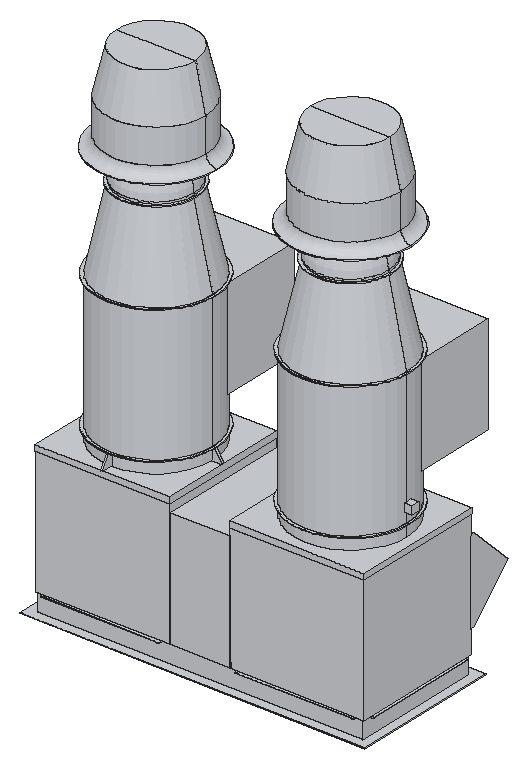
Revit family "QMXVP_with_1X2_Mixing_Box_Sides", category Mechanical Equipment, Revit 2019 (continued)
Types (225): name | UNIT_RADIUS+4" | UNIT_RADIUS*.6 | UNIT_RADIUS | UNIT_RAD+((A/2)+.25")+4" | UNIT_RAD+((A/2)+.25") | UNIT_OD | UNIT_HEIGHT*.75 | UNIT_HEIGHT | TYPE | TRANSITION_TOP | RO2/2 | RO/2 | RO | NOZZLE_WB_RAD-2" | NOZZLE_WB_RAD | NOZZLE_WB/4 | NOZZLE_TOP_RAD | NOZZLE_TOP_OD | NOZZLE_SIZE | NOZZLE_HEIGHT/7*2 | NOZZLE_HEIGHT | NOZZLE_BOTTOM_RAD | NOZZLE_WB_OD | NOZZLE_BOTTOM_ID | MB_HT/2 | MB_HT-2.75" | MB_HT+.25" | MB_HT | MB_A | LONG_RO | GA | E | DUAL_G | DUAL_F+1" | DUAL_F | C/2 | C | B/2 | B | A/2 | A+.5 | A | Type Comments | Model | -A | (NOZZLE_WB_OD-NOZZLE_TOP_OD)/2 | (NOZZLE_HEIGHT-(NOZZLE_HEIGHT/8*2))/2 | (A/2)+.25"
  225_QMXVP-15H-1X2_Mixing_Box_Sides | 19 31/32" | 14.37188" | 15 31/32" | 41 7/32" | 37 7/32" | 31 15/16" | 30 3/4" | 41" | 0" | 69 1/8" | 17 3/8" | 17 3/8" | 34 3/4" | 16" | 18" | 7.2" | 11 1/2" | 23" | 180" | 10 3/4" | 43" | 10 11/16" | 36" | 21 3/8" | 21 19/32" | 40 7/16" | 43 7/16" | 43 3/16" | 54" | 85 7/8" | 27/256" | 40 15/16" | 92 1/8" | 94" | 93" | 28" | 56" | 56 1/2" | 113" | 21" | 42 1/2" | 42" | "Vari-Plume Laboratory Exhaust Mixed-Flow Inline Belt Drive With 1X2 Mixing Box With Weather Hoods On Sides\r\n" | "QMXVP-1X2_Mixing Box_Sides" | -42" | 3 1/4" | 16 1/8" | 21 1/4"
  225_QMXVP-18L-1X2_Mixing_Box_Sides | 19 31/32" | 14.37188" | 15 31/32" | 41 7/32" | 37 7/32" | 31 15/16" | 30 3/4" | 41" | 0" | 61 1/8" | 17 3/8" | 17 3/8" | 34 3/4" | 19 1/2" | 21 1/2" | 8.6" | 13 3/4" | 27 1/2" | 216" | 12" | 48" | 12 13/16" | 43" | 25 5/8" | 21 19/32" | 40 7/16" | 43 7/16" | 43 3/16" | 54" | 85 7/8" | 27/256" | 40 15/16" | 92 1/8" | 94" | 93" | 28" | 56" | 56 1/2" | 113" | 21" | 42 1/2" | 42" | "Vari-Plume Laboratory Exhaust Mixed-Flow Inline Belt Drive With 1X2 Mixing Box With Weather Hoods On Sides\r\n" | "QMXVP-1X2_Mixing Box_Sides" | -42" | 3 7/8" | 18" | 21 1/4"
  245_QMXVP-15L-1X2_Mixing_Box_Sides | 21 3/8" | 15.6375" | 17 3/8" | 43 5/8" | 39 5/8" | 34 3/4" | 33 3/8" | 44 1/2" | 0" | 77 11/16" | 18 3/8" | 18 3/8" | 36 3/4" | 16" | 18" | 7.2" | 11 1/2" | 23" | 180" | 10 3/4" | 43" | 10 11/16" | 36" | 21 3/8" | 22 23/32" | 42 11/16" | 45 11/16" | 45 7/16" | 57" | 100 7/8" | 27/256" | 42 15/16" | 107 1/8" | 109" | 108" | 29 1/2" | 59" | 60 1/2" | 121" | 22" | 44 1/2" | 44" | "Vari-Plume Laboratory Exhaust Mixed-Flow Inline Belt Drive With 1X2 Mixing Box With Weather Hoods On Sides\r\n" | "QMXVP-1X2_Mixing Box_Sides" | -44" | 3 1/4" | 16 1/8" | 22 1/4"
  245_QMXVP-15H-1X2_Mixing_Box_Sides | 21 3/8" | 15.6375" | 17 3/8" | 43 5/8" | 39 5/8" | 34 3/4" | 33 3/8" | 44 1/2" | 0" | 77 11/16" | 18 3/8" | 18 3/8" | 36 3/4" | 16" | 18" | 7.2" | 11 1/2" | 23" | 180" | 10 3/4" | 43" | 10 11/16" | 36" | 21 3/8" | 22 23/32" | 42 11/16" | 45 11/16" | 45 7/16" | 57" | 100 7/8" | 27/256" | 42 15/16" | 107 1/8" | 109" | 108" | 29 1/2" | 59" | 60 1/2" | 121" | 22" | 44 1/2" | 44" | "Vari-Plume Laboratory Exhaust Mixed-Flow Inline Belt Drive With 1X2 Mixing Box With Weather Hoods On Sides\r\n" | "QMXVP-1X2_Mixing Box_Sides" | -44" | 3 1/4" | 16 1/8" | 22 1/4"
  245_QMXVP-18L-1X2_Mixing_Box_Sides | 21 3/8" | 15.6375" | 17 3/8" | 43 5/8" | 39 5/8" | 34 3/4" | 33 3/8" | 44 1/2" | 0" | 69 11/16" | 18 3/8" | 18 3/8" | 36 3/4" | 19 1/2" | 21 1/2" | 8.6" | 13 3/4" | 27 1/2" | 216" | 12" | 48" | 12 13/16" | 43" | 25 5/8" | 22 23/32" | 42 11/16" | 45 11/16" | 45 7/16" | 57" | 100 7/8" | 27/256" | 42 15/16" | 107 1/8" | 109" | 108" | 29 1/2" | 59" | 60 1/2" | 121" | 22" | 44 1/2" | 44" | "Vari-Plume Laboratory Exhaust Mixed-Flow Inline Belt Drive With 1X2 Mixing Box With Weather Hoods On Sides\r\n" | "QMXVP-1X2_Mixing Box_Sides" | -44" | 3 7/8" | 18" | 22 1/4"
  245_QMXVP-18H-1X2_Mixing_Box_Sides | 21 3/8" | 15.6375" | 17 3/8" | 43 5/8" | 39 5/8" | 34 3/4" | 33 3/8" | 44 1/2" | 0" | 69 11/16" | 18 3/8" | 18 3/8" | 36 3/4" | 19 1/2" | 21 1/2" | 8.6" | 13 3/4" | 27 1/2" | 216" | 12" | 48" | 12 13/16" | 43" | 25 5/8" | 22 23/32" | 42 11/16" | 45 11/16" | 45 7/16" | 57" | 100 7/8" | 27/256" | 42 15/16" | 107 1/8" | 109" | 108" | 29 1/2" | 59" | 60 1/2" | 121" | 22" | 44 1/2" | 44" | "Vari-Plume Laboratory Exhaust Mixed-Flow Inline Belt Drive With 1X2 Mixing Box With Weather Hoods On Sides\r\n" | "QMXVP-1X2_Mixing Box_Sides" | -44" | 3 7/8" | 18" | 22 1/4"
  245_QMXVP-24L-1X2_Mixing_Box_Sides | 21 3/8" | 15.6375" | 17 3/8" | 43 5/8" | 39 5/8" | 34 3/4" | 33 3/8" | 44 1/2" | 0" | 57 3/4" | 18 3/8" | 18 3/8" | 36 3/4" | 28 1/2" | 30 1/2" | 12.2" | 18 1/4" | 36 1/2" | 288" | 15 1/2" | 62" | 17 3/8" | 61" | 34 3/4" | 22 23/32" | 42 11/16" | 45 11/16" | 45 7/16" | 57" | 100 7/8" | 27/256" | 42 15/16" | 107 1/8" | 109" | 108" | 29 1/2" | 59" | 60 1/2" | 121" | 22" | 44 1/2" | 44" | "Vari-Plume Laboratory Exhaust Mixed-Flow Inline Belt Drive With 1X2 Mixing Box With Weather Hoods On Sides\r\n" | "QMXVP-1X2_Mixing Box_Sides" | -44" | 6 1/8" | 23 1/4" | 22 1/4"
  245_QMXVP-24H-1X2_Mixing_Box_Sides | 21 3/8" | 15.6375" | 17 3/8" | 43 5/8" | 39 5/8" | 34 3/4" | 33 3/8" | 44 1/2" | 0" | 57 3/4" | 18 3/8" | 18 3/8" | 36 3/4" | 28 1/2" | 30 1/2" | 12.2" | 18 1/4" | 36 1/2" | 288" | 15 1/2" | 62" | 17 3/8" | 61" | 34 3/4" | 22 23/32" | 42 11/16" | 45 11/16" | 45 7/16" | 57" | 100 7/8" | 27/256" | 42 15/16" | 107 1/8" | 109" | 108" | 29 1/2" | 59" | 60 1/2" | 121" | 22" | 44 1/2" | 44" | "Vari-Plume Laboratory Exhaust Mixed-Flow Inline Belt Drive With 1X2 Mixing Box With Weather Hoods On Sides\r\n" | "QMXVP-1X2_Mixing Box_Sides" | -44" | 6 1/8" | 23 1/4" | 22 1/4"
  270_QMXVP-15L-1X2_Mixing_Box_Sides | 23 5/32" | 17.24063" | 19 5/32" | 47 13/32" | 43 13/32" | 38 5/16" | 35 1/4" | 47" | 0" | 86 3/16" | 20 3/8" | 20 3/8" | 40 3/4" | 16" | 18" | 7.2" | 11 1/2" | 23" | 180" | 10 3/4" | 43" | 10 11/16" | 36" | 21 3/8" | 23 19/32" | 44 7/16" | 47 7/16" | 47 3/16" | 62" | 104 7/8" | 27/256" | 46 15/16" | 111 1/8" | 113" | 112" | 31 1/2" | 63" | 64" | 128" | 24" | 48 1/2" | 48" | "Vari-Plume Laboratory Exhaust Mixed-Flow Inline Belt Drive With 1X2 Mixing Box With Weather Hoods On Sides\r\n" | "QMXVP-1X2_Mixing Box_Sides" | -48" | 3 1/4" | 16 1/8" | 24 1/4"
  270_QMXVP-15H-1X2_Mixing_Box_Sides | 23 5/32" | 17.24063" | 19 5/32" | 47 13/32" | 43 13/32" | 38 5/16" | 35 1/4" | 47" | 0" | 86 3/16" | 20 3/8" | 20 3/8" | 40 3/4" | 16" | 18" | 7.2" | 11 1/2" | 23" | 180" | 10 3/4" | 43" | 10 11/16" | 36" | 21 3/8" | 23 19/32" | 44 7/16" | 47 7/16" | 47 3/16" | 62" | 104 7/8" | 27/256" | 46 15/16" | 111 1/8" | 113" | 112" | 31 1/2" | 63" | 64" | 128" | 24" | 48 1/2" | 48" | "Vari-Plume Laboratory Exhaust Mixed-Flow Inline Belt Drive With 1X2 Mixing Box With Weather Hoods On Sides\r\n" | "QMXVP-1X2_Mixing Box_Sides" | -48" | 3 1/4" | 16 1/8" | 24 1/4"
  270_QMXVP-18L-1X2_Mixing_Box_Sides | 23 5/32" | 17.24063" | 19 5/32" | 47 13/32" | 43 13/32" | 38 5/16" | 35 1/4" | 47" | 0" | 79 3/16" | 20 3/8" | 20 3/8" | 40 3/4" | 19 1/2" | 21 1/2" | 8.6" | 13 3/4" | 27 1/2" | 216" | 12" | 48" | 12 13/16" | 43" | 25 5/8" | 23 19/32" | 44 7/16" | 47 7/16" | 47 3/16" | 62" | 104 7/8" | 27/256" | 46 15/16" | 111 1/8" | 113" | 112" | 31 1/2" | 63" | 64" | 128" | 24" | 48 1/2" | 48" | "Vari-Plume Laboratory Exhaust Mixed-Flow Inline Belt Drive With 1X2 Mixing Box With Weather Hoods On Sides\r\n" | "QMXVP-1X2_Mixing Box_Sides" | -48" | 3 7/8" | 18" | 24 1/4"
  270_QMXVP-18H-1X2_Mixing_Box_Sides | 23 5/32" | 17.24063" | 19 5/32" | 47 13/32" | 43 13/32" | 38 5/16" | 35 1/4" | 47" | 0" | 79 3/16" | 20 3/8" | 20 3/8" | 40 3/4" | 19 1/2" | 21 1/2" | 8.6" | 13 3/4" | 27 1/2" | 216" | 12" | 48" | 12 13/16" | 43" | 25 5/8" | 23 19/32" | 44 7/16" | 47 7/16" | 47 3/16" | 62" | 104 7/8" | 27/256" | 46 15/16" | 111 1/8" | 113" | 112" | 31 1/2" | 63" | 64" | 128" | 24" | 48 1/2" | 48" | "Vari-Plume Laboratory Exhaust Mixed-Flow Inline Belt Drive With 1X2 Mixing Box With Weather Hoods On Sides\r\n" | "QMXVP-1X2_Mixing Box_Sides" | -48" | 3 7/8" | 18" | 24 1/4"
  270_QMXVP-24L-1X2_Mixing_Box_Sides | 23 5/32" | 17.24063" | 19 5/32" | 47 13/32" | 43 13/32" | 38 5/16" | 35 1/4" | 47" | 0" | 62 1/4" | 20 3/8" | 20 3/8" | 40 3/4" | 28 1/2" | 30 1/2" | 12.2" | 18 1/4" | 36 1/2" | 288" | 15 1/2" | 62" | 17 3/8" | 61" | 34 3/4" | 23 19/32" | 44 7/16" | 47 7/16" | 47 3/16" | 62" | 104 7/8" | 27/256" | 46 15/16" | 111 1/8" | 113" | 112" | 31 1/2" | 63" | 64" | 128" | 24" | 48 1/2" | 48" | "Vari-Plume Laboratory Exhaust Mixed-Flow Inline Belt Drive With 1X2 Mixing Box With Weather Hoods On Sides\r\n" | "QMXVP-1X2_Mixing Box_Sides" | -48" | 6 1/8" | 23 1/4" | 24 1/4"
  270_QMXVP-24H-1X2_Mixing_Box_Sides | 23 5/32" | 17.24063" | 19 5/32" | 47 13/32" | 43 13/32" | 38 5/16" | 35 1/4" | 47" | 0" | 62 1/4" | 20 3/8" | 20 3/8" | 40 3/4" | 28 1/2" | 30 1/2" | 12.2" | 18 1/4" | 36 1/2" | 288" | 15 1/2" | 62" | 17 3/8" | 61" | 34 3/4" | 23 19/32" | 44 7/16" | 47 7/16" | 47 3/16" | 62" | 104 7/8" | 27/256" | 46 15/16" | 111 1/8" | 113" | 112" | 31 1/2" | 63" | 64" | 128" | 24" | 48 1/2" | 48" | "Vari-Plume Laboratory Exhaust Mixed-Flow Inline Belt Drive With 1X2 Mixing Box With Weather Hoods On Sides\r\n" | "QMXVP-1X2_Mixing Box_Sides" | -48" | 6 1/8" | 23 1/4" | 24 1/4"
  300_QMXVP-18L-1X2_Mixing_Box_Sides | 25 1/4" | 19 1/8" | 21 1/4" | 51 1/2" | 47 1/2" | 42 1/2" | 40 1/2" | 54" | 0" | 94 3/16" | 22 3/8" | 22 3/8" | 44 3/4" | 19 1/2" | 21 1/2" | 8.6" | 13 3/4" | 27 1/2" | 216" | 12" | 48" | 12 13/16" | 43" | 25 5/8" | 25 7/32" | 47 11/16" | 50 11/16" | 50 7/16" | 68" | 124 7/8" | 27/256" | 50 15/16" | 131 1/8" | 133" | 132" | 33 1/2" | 67" | 74" | 148" | 26" | 52 1/2" | 52" | "Vari-Plume Laboratory Exhaust Mixed-Flow Inline Belt Drive With 1X2 Mixing Box With Weather Hoods On Sides\r\n" | "QMXVP-1X2_Mixing Box_Sides" | -52" | 3 7/8" | 18" | 26 1/4"
  300_QMXVP-18H-1X2_Mixing_Box_Sides | 25 1/4" | 19 1/8" | 21 1/4" | 51 1/2" | 47 1/2" | 42 1/2" | 40 1/2" | 54" | 0" | 94 3/16" | 22 3/8" | 22 3/8" | 44 3/4" | 19 1/2" | 21 1/2" | 8.6" | 13 3/4" | 27 1/2" | 216" | 12" | 48" | 12 13/16" | 43" | 25 5/8" | 25 7/32" | 47 11/16" | 50 11/16" | 50 7/16" | 68" | 124 7/8" | 27/256" | 50 15/16" | 131 1/8" | 133" | 132" | 33 1/2" | 67" | 74" | 148" | 26" | 52 1/2" | 52" | "Vari-Plume Laboratory Exhaust Mixed-Flow Inline Belt Drive With 1X2 Mixing Box With Weather Hoods On Sides\r\n" | "QMXVP-1X2_Mixing Box_Sides" | -52" | 3 7/8" | 18" | 26 1/4"
  300_QMXVP-24L-1X2_Mixing_Box_Sides | 25 1/4" | 19 1/8" | 21 1/4" | 51 1/2" | 47 1/2" | 42 1/2" | 40 1/2" | 54" | 0" | 77 1/4" | 22 3/8" | 22 3/8" | 44 3/4" | 28 1/2" | 30 1/2" | 12.2" | 18 1/4" | 36 1/2" | 288" | 15 1/2" | 62" | 17 3/8" | 61" | 34 3/4" | 25 7/32" | 47 11/16" | 50 11/16" | 50 7/16" | 68" | 124 7/8" | 27/256" | 50 15/16" | 131 1/8" | 133" | 132" | 33 1/2" | 67" | 74" | 148" | 26" | 52 1/2" | 52" | "Vari-Plume Laboratory Exhaust Mixed-Flow Inline Belt Drive With 1X2 Mixing Box With Weather Hoods On Sides\r\n" | "QMXVP-1X2_Mixing Box_Sides" | -52" | 6 1/8" | 23 1/4" | 26 1/4"
  300_QMXVP-24H-1X2_Mixing_Box_Sides | 25 1/4" | 19 1/8" | 21 1/4" | 51 1/2" | 47 1/2" | 42 1/2" | 40 1/2" | 54" | 0" | 77 1/4" | 22 3/8" | 22 3/8" | 44 3/4" | 28 1/2" | 30 1/2" | 12.2" | 18 1/4" | 36 1/2" | 288" | 15 1/2" | 62" | 17 3/8" | 61" | 34 3/4" | 25 7/32" | 47 11/16" | 50 11/16" | 50 7/16" | 68" | 124 7/8" | 27/256" | 50 15/16" | 131 1/8" | 133" | 132" | 33 1/2" | 67" | 74" | 148" | 26" | 52 1/2" | 52" | "Vari-Plume Laboratory Exhaust Mixed-Flow Inline Belt Drive With 1X2 Mixing Box With Weather Hoods On Sides\r\n" | "QMXVP-1X2_Mixing Box_Sides" | -52" | 6 1/8" | 23 1/4" | 26 1/4"
  300_QMXVP-30L-1X2_Mixing_Box_Sides | 25 1/4" | 19 1/8" | 21 1/4" | 51 1/2" | 47 1/2" | 42 1/2" | 40 1/2" | 54" | 0" | 68 1/4" | 22 3/8" | 22 3/8" | 44 3/4" | 35" | 37" | 14.8" | 22 3/4" | 45 1/2" | 360" | 19 1/2" | 78" | 21 1/4" | 74" | 42 1/2" | 25 7/32" | 47 11/16" | 50 11/16" | 50 7/16" | 68" | 124 7/8" | 27/256" | 50 15/16" | 131 1/8" | 133" | 132" | 33 1/2" | 67" | 74" | 148" | 26" | 52 1/2" | 52" | "Vari-Plume Laboratory Exhaust Mixed-Flow Inline Belt Drive With 1X2 Mixing Box With Weather Hoods On Sides\r\n" | "QMXVP-1X2_Mixing Box_Sides" | -52" | 7 1/8" | 29 1/4" | 26 1/4"
  300_QMXVP-30H-1X2_Mixing_Box_Sides | 25 1/4" | 19 1/8" | 21 1/4" | 51 1/2" | 47 1/2" | 42 1/2" | 40 1/2" | 54" | 0" | 68 1/4" | 22 3/8" | 22 3/8" | 44 3/4" | 35" | 37" | 14.8" | 22 3/4" | 45 1/2" | 360" | 19 1/2" | 78" | 21 1/4" | 74" | 42 1/2" | 25 7/32" | 47 11/16" | 50 11/16" | 50 7/16" | 68" | 124 7/8" | 27/256" | 50 15/16" | 131 1/8" | 133" | 132" | 33 1/2" | 67" | 74" | 148" | 26" | 52 1/2" | 52" | "Vari-Plume Laboratory Exhaust Mixed-Flow Inline Belt Drive With 1X2 Mixing Box With Weather Hoods On Sides\r\n" | "QMXVP-1X2_Mixing Box_Sides" | -52" | 7 1/8" | 29 1/4" | 26 1/4"
  330_QMXVP-24L-1X2_Mixing_Box_Sides | 27 3/8" | 21.0375" | 23 3/8" | 55 5/8" | 51 5/8" | 46 3/4" | 43 7/8" | 58 1/2" | 0" | 89 3/4" | 24 5/16" | 24 5/16" | 48 5/8" | 28 1/2" | 30 1/2" | 12.2" | 18 1/4" | 36 1/2" | 288" | 15 1/2" | 62" | 17 3/8" | 61" | 34 3/4" | 26 27/32" | 50 15/16" | 53 15/16" | 53 11/16" | 73" | 128 7/8" | 27/256" | 54 13/16" | 135 1/8" | 137" | 136" | 36 1/2" | 73" | 77" | 154" | 28" | 56 1/2" | 56" | "Vari-Plume Laboratory Exhaust Mixed-Flow Inline Belt Drive With 1X2 Mixing Box With Weather Hoods On Sides\r\n" | "QMXVP-1X2_Mixing Box_Sides" | -56" | 6 1/8" | 23 1/4" | 28 1/4"
  330_QMXVP-24H-1X2_Mixing_Box_Sides | 27 3/8" | 21.0375" | 23 3/8" | 55 5/8" | 51 5/8" | 46 3/4" | 43 7/8" | 58 1/2" | 0" | 89 3/4" | 24 5/16" | 24 5/16" | 48 5/8" | 28 1/2" | 30 1/2" | 12.2" | 18 1/4" | 36 1/2" | 288" | 15 1/2" | 62" | 17 3/8" | 61" | 34 3/4" | 26 27/32" | 50 15/16" | 53 15/16" | 53 11/16" | 73" | 128 7/8" | 27/256" | 54 13/16" | 135 1/8" | 137" | 136" | 36 1/2" | 73" | 77" | 154" | 28" | 56 1/2" | 56" | "Vari-Plume Laboratory Exhaust Mixed-Flow Inline Belt Drive With 1X2 Mixing Box With Weather Hoods On Sides\r\n" | "QMXVP-1X2_Mixing Box_Sides" | -56" | 6 1/8" | 23 1/4" | 28 1/4"
  330_QMXVP-30L-1X2_Mixing_Box_Sides | 27 3/8" | 21.0375" | 23 3/8" | 55 5/8" | 51 5/8" | 46 3/4" | 43 7/8" | 58 1/2" | 0" | 74 3/4" | 24 5/16" | 24 5/16" | 48 5/8" | 35" | 37" | 14.8" | 22 3/4" | 45 1/2" | 360" | 19 1/2" | 78" | 21 1/4" | 74" | 42 1/2" | 26 27/32" | 50 15/16" | 53 15/16" | 53 11/16" | 73" | 128 7/8" | 27/256" | 54 13/16" | 135 1/8" | 137" | 136" | 36 1/2" | 73" | 77" | 154" | 28" | 56 1/2" | 56" | "Vari-Plume Laboratory Exhaust Mixed-Flow Inline Belt Drive With 1X2 Mixing Box With Weather Hoods On Sides\r\n" | "QMXVP-1X2_Mixing Box_Sides" | -56" | 7 1/8" | 29 1/4" | 28 1/4"
  330_QMXVP-30H-1X2_Mixing_Box_Sides | 27 3/8" | 21.0375" | 23 3/8" | 55 5/8" | 51 5/8" | 46 3/4" | 43 7/8" | 58 1/2" | 0" | 74 3/4" | 24 5/16" | 24 5/16" | 48 5/8" | 35" | 37" | 14.8" | 22 3/4" | 45 1/2" | 360" | 19 1/2" | 78" | 21 1/4" | 74" | 42 1/2" | 26 27/32" | 50 15/16" | 53 15/16" | 53 11/16" | 73" | 128 7/8" | 27/256" | 54 13/16" | 135 1/8" | 137" | 136" | 36 1/2" | 73" | 77" | 154" | 28" | 56 1/2" | 56" | "Vari-Plume Laboratory Exhaust Mixed-Flow Inline Belt Drive With 1X2 Mixing Box With Weather Hoods On Sides\r\n" | "QMXVP-1X2_Mixing Box_Sides" | -56" | 7 1/8" | 29 1/4" | 28 1/4"
  365_QMXVP-24L-1X2_Mixing_Box_Sides | 29 7/8" | 23.2875" | 25 7/8" | 61 1/8" | 57 1/8" | 51 3/4" | 48" | 64" | 0" | 104 1/4" | 27 1/4" | 27 1/4" | 54 1/2" | 28 1/2" | 30 1/2" | 12.2" | 18 1/4" | 36 1/2" | 288" | 15 1/2" | 62" | 17 3/8" | 61" | 34 3/4" | 29 27/32" | 56 15/16" | 59 15/16" | 59 11/16" | 82" | 151 3/4" | 27/256" | 60 3/4" | 158" | 160" | 159" | 39 1/2" | 79" | 87 1/2" | 175" | 31" | 62 1/2" | 62" | "Vari-Plume Laboratory Exhaust Mixed-Flow Inline Belt Drive With 1X2 Mixing Box With Weather Hoods On Sides\r\n" | "QMXVP-1X2_Mixing Box_Sides" | -62" | 6 1/8" | 23 1/4" | 31 1/4"
  365_QMXVP-24H-1X2_Mixing_Box_Sides | 29 7/8" | 23.2875" | 25 7/8" | 61 1/8" | 57 1/8" | 51 3/4" | 48" | 64" | 0" | 104 1/4" | 27 1/4" | 27 1/4" | 54 1/2" | 28 1/2" | 30 1/2" | 12.2" | 18 1/4" | 36 1/2" | 288" | 15 1/2" | 62" | 17 3/8" | 61" | 34 3/4" | 29 27/32" | 56 15/16" | 59 15/16" | 59 11/16" | 82" | 151 3/4" | 27/256" | 60 3/4" | 158" | 160" | 159" | 39 1/2" | 79" | 87 1/2" | 175" | 31" | 62 1/2" | 62" | "Vari-Plume Laboratory Exhaust Mixed-Flow Inline Belt Drive With 1X2 Mixing Box With Weather Hoods On Sides\r\n" | "QMXVP-1X2_Mixing Box_Sides" | -62" | 6 1/8" | 23 1/4" | 31 1/4"
  365_QMXVP-30L-1X2_Mixing_Box_Sides | 29 7/8" | 23.2875" | 25 7/8" | 61 1/8" | 57 1/8" | 51 3/4" | 48" | 64" | 0" | 89 1/2" | 27 1/4" | 27 1/4" | 54 1/2" | 35" | 37" | 14.8" | 22 3/4" | 45 1/2" | 360" | 19 1/2" | 78" | 21 1/4" | 74" | 42 1/2" | 29 27/32" | 56 15/16" | 59 15/16" | 59 11/16" | 82" | 151 3/4" | 27/256" | 60 3/4" | 158" | 160" | 159" | 39 1/2" | 79" | 87 1/2" | 175" | 31" | 62 1/2" | 62" | "Vari-Plume Laboratory Exhaust Mixed-Flow Inline Belt Drive With 1X2 Mixing Box With Weather Hoods On Sides\r\n" | "QMXVP-1X2_Mixing Box_Sides" | -62" | 7 1/8" | 29 1/4" | 31 1/4"
  365_QMXVP-30H-1X2_Mixing_Box_Sides | 29 7/8" | 23.2875" | 25 7/8" | 61 1/8" | 57 1/8" | 51 3/4" | 48" | 64" | 0" | 89 1/2" | 27 1/4" | 27 1/4" | 54 1/2" | 35" | 37" | 14.8" | 22 3/4" | 45 1/2" | 360" | 19 1/2" | 78" | 21 1/4" | 74" | 42 1/2" | 29 27/32" | 56 15/16" | 59 15/16" | 59 11/16" | 82" | 151 3/4" | 27/256" | 60 3/4" | 158" | 160" | 159" | 39 1/2" | 79" | 87 1/2" | 175" | 31" | 62 1/2" | 62" | "Vari-Plume Laboratory Exhaust Mixed-Flow Inline Belt Drive With 1X2 Mixing Box With Weather Hoods On Sides\r\n" | "QMXVP-1X2_Mixing Box_Sides" | -62" | 7 1/8" | 29 1/4" | 31 1/4"
  365_QMXVP-36L-1X2_Mixing_Box_Sides | 29 7/8" | 23.2875" | 25 7/8" | 61 1/8" | 57 1/8" | 51 3/4" | 48" | 64" | 0" | 78 1/4" | 27 1/4" | 27 1/4" | 54 1/2" | 43" | 45" | 18" | 29" | 58" | 432" | 23 3/4" | 95" | 25 7/8" | 90" | 51 3/4" | 29 27/32" | 56 15/16" | 59 15/16" | 59 11/16" | 82" | 151 3/4" | 27/256" | 60 3/4" | 158" | 160" | 159" | 39 1/2" | 79" | 87 1/2" | 175" | 31" | 62 1/2" | 62" | "Vari-Plume Laboratory Exhaust Mixed-Flow Inline Belt Drive With 1X2 Mixing Box With Weather Hoods On Sides\r\n" | "QMXVP-1X2_Mixing Box_Sides" | -62" | 8" | 35 5/8" | 31 1/4"
  402_QMXVP-24L-1X2_Mixing_Box_Sides | 32 15/32" | 25.62188" | 28 15/32" | 66 7/32" | 62 7/32" | 56 15/16" | 51 3/8" | 68 1/2" | 0" | 118 3/4" | 29 23/32" | 29 23/32" | 59 7/16" | 28 1/2" | 30 1/2" | 12.2" | 18 1/4" | 36 1/2" | 288" | 15 1/2" | 62" | 17 3/8" | 61" | 34 3/4" | 32 31/32" | 63 3/16" | 66 3/16" | 65 15/16" | 90" | 156 3/4" | 27/256" | 65 3/4" | 163" | 165" | 164" | 44" | 88" | 91 1/2" | 183" | 33 1/2" | 67 1/2" | 67" | "Vari-Plume Laboratory Exhaust Mixed-Flow Inline Belt Drive With 1X2 Mixing Box With Weather Hoods On Sides\r\n" | "QMXVP-1X2_Mixing Box_Sides" | -67" | 6 1/8" | 23 1/4" | 33 3/4"
  402_QMXVP-24H-1X2_Mixing_Box_Sides | 32 15/32" | 25.62188" | 28 15/32" | 66 7/32" | 62 7/32" | 56 15/16" | 51 3/8" | 68 1/2" | 0" | 118 3/4" | 29 23/32" | 29 23/32" | 59 7/16" | 28 1/2" | 30 1/2" | 12.2" | 18 1/4" | 36 1/2" | 288" | 15 1/2" | 62" | 17 3/8" | 61" | 34 3/4" | 32 31/32" | 63 3/16" | 66 3/16" | 65 15/16" | 90" | 156 3/4" | 27/256" | 65 3/4" | 163" | 165" | 164" | 44" | 88" | 91 1/2" | 183" | 33 1/2" | 67 1/2" | 67" | "Vari-Plume Laboratory Exhaust Mixed-Flow Inline Belt Drive With 1X2 Mixing Box With Weather Hoods On Sides\r\n" | "QMXVP-1X2_Mixing Box_Sides" | -67" | 6 1/8" | 23 1/4" | 33 3/4"
  402_QMXVP-30L-1X2_Mixing_Box_Sides | 32 15/32" | 25.62188" | 28 15/32" | 66 7/32" | 62 7/32" | 56 15/16" | 51 3/8" | 68 1/2" | 0" | 103 3/4" | 29 23/32" | 29 23/32" | 59 7/16" | 35" | 37" | 14.8" | 22 3/4" | 45 1/2" | 360" | 19 1/2" | 78" | 21 1/4" | 74" | 42 1/2" | 32 31/32" | 63 3/16" | 66 3/16" | 65 15/16" | 90" | 156 3/4" | 27/256" | 65 3/4" | 163" | 165" | 164" | 44" | 88" | 91 1/2" | 183" | 33 1/2" | 67 1/2" | 67" | "Vari-Plume Laboratory Exhaust Mixed-Flow Inline Belt Drive With 1X2 Mixing Box With Weather Hoods On Sides\r\n" | "QMXVP-1X2_Mixing Box_Sides" | -67" | 7 1/8" | 29 1/4" | 33 3/4"
  402_QMXVP-30H-1X2_Mixing_Box_Sides | 32 15/32" | 25.62188" | 28 15/32" | 66 7/32" | 62 7/32" | 56 15/16" | 51 3/8" | 68 1/2" | 0" | 103 3/4" | 29 23/32" | 29 23/32" | 59 7/16" | 35" | 37" | 14.8" | 22 3/4" | 45 1/2" | 360" | 19 1/2" | 78" | 21 1/4" | 74" | 42 1/2" | 32 31/32" | 63 3/16" | 66 3/16" | 65 15/16" | 90" | 156 3/4" | 27/256" | 65 3/4" | 163" | 165" | 164" | 44" | 88" | 91 1/2" | 183" | 33 1/2" | 67 1/2" | 67" | "Vari-Plume Laboratory Exhaust Mixed-Flow Inline Belt Drive With 1X2 Mixing Box With Weather Hoods On Sides\r\n" | "QMXVP-1X2_Mixing Box_Sides" | -67" | 7 1/8" | 29 1/4" | 33 3/4"
  402_QMXVP-36L-1X2_Mixing_Box_Sides | 32 15/32" | 25.62188" | 28 15/32" | 66 7/32" | 62 7/32" | 56 15/16" | 51 3/8" | 68 1/2" | 0" | 86 3/4" | 29 23/32" | 29 23/32" | 59 7/16" | 43" | 45" | 18" | 29" | 58" | 432" | 23 3/4" | 95" | 25 7/8" | 90" | 51 3/4" | 32 31/32" | 63 3/16" | 66 3/16" | 65 15/16" | 90" | 156 3/4" | 27/256" | 65 3/4" | 163" | 165" | 164" | 44" | 88" | 91 1/2" | 183" | 33 1/2" | 67 1/2" | 67" | "Vari-Plume Laboratory Exhaust Mixed-Flow Inline Belt Drive With 1X2 Mixing Box With Weather Hoods On Sides\r\n" | "QMXVP-1X2_Mixing Box_Sides" | -67" | 8" | 35 5/8" | 33 3/4"
  402_QMXVP-36H-1X2_Mixing_Box_Sides | 32 15/32" | 25.62188" | 28 15/32" | 66 7/32" | 62 7/32" | 56 15/16" | 51 3/8" | 68 1/2" | 0" | 86 3/4" | 29 23/32" | 29 23/32" | 59 7/16" | 43" | 45" | 18" | 29" | 58" | 432" | 23 3/4" | 95" | 25 7/8" | 90" | 51 3/4" | 32 31/32" | 63 3/16" | 66 3/16" | 65 15/16" | 90" | 156 3/4" | 27/256" | 65 3/4" | 163" | 165" | 164" | 44" | 88" | 91 1/2" | 183" | 33 1/2" | 67 1/2" | 67" | "Vari-Plume Laboratory Exhaust Mixed-Flow Inline Belt Drive With 1X2 Mixing Box With Weather Hoods On Sides\r\n" | "QMXVP-1X2_Mixing Box_Sides" | -67" | 8" | 35 5/8" | 33 3/4"
  445_QMXVP-30L-1X2_Mixing_Box_Sides | 35 17/32" | 28.37813" | 31 17/32" | 72 25/32" | 68 25/32" | 63 1/16" | 55 1/2" | 74" | 0" | 121 1/4" | 33 7/32" | 33 7/32" | 66 7/16" | 35" | 37" | 14.8" | 22 3/4" | 45 1/2" | 360" | 19 1/2" | 78" | 21 1/4" | 74" | 42 1/2" | 37 27/32" | 72 15/16" | 75 15/16" | 75 11/16" | 102" | 163 3/4" | 27/256" | 72 5/8" | 170" | 172" | 171" | 47 1/2" | 95" | 100 1/2" | 201" | 37" | 74 1/2" | 74" | "Vari-Plume Laboratory Exhaust Mixed-Flow Inline Belt Drive With 1X2 Mixing Box With Weather Hoods On Sides\r\n" | "QMXVP-1X2_Mixing Box_Sides" | -74" | 7 1/8" | 29 1/4" | 37 1/4"
  445_QMXVP-30H-1X2_Mixing_Box_Sides | 35 17/32" | 28.37813" | 31 17/32" | 72 25/32" | 68 25/32" | 63 1/16" | 55 1/2" | 74" | 0" | 121 1/4" | 33 7/32" | 33 7/32" | 66 7/16" | 35" | 37" | 14.8" | 22 3/4" | 45 1/2" | 360" | 19 1/2" | 78" | 21 1/4" | 74" | 42 1/2" | 37 27/32" | 72 15/16" | 75 15/16" | 75 11/16" | 102" | 163 3/4" | 27/256" | 72 5/8" | 170" | 172" | 171" | 47 1/2" | 95" | 100 1/2" | 201" | 37" | 74 1/2" | 74" | "Vari-Plume Laboratory Exhaust Mixed-Flow Inline Belt Drive With 1X2 Mixing Box With Weather Hoods On Sides\r\n" | "QMXVP-1X2_Mixing Box_Sides" | -74" | 7 1/8" | 29 1/4" | 37 1/4"
  445_QMXVP-36L-1X2_Mixing_Box_Sides | 35 17/32" | 28.37813" | 31 17/32" | 72 25/32" | 68 25/32" | 63 1/16" | 55 1/2" | 74" | 0" | 103 1/4" | 33 7/32" | 33 7/32" | 66 7/16" | 43" | 45" | 18" | 29" | 58" | 432" | 23 3/4" | 95" | 25 7/8" | 90" | 51 3/4" | 37 27/32" | 72 15/16" | 75 15/16" | 75 11/16" | 102" | 163 3/4" | 27/256" | 72 5/8" | 170" | 172" | 171" | 47 1/2" | 95" | 100 1/2" | 201" | 37" | 74 1/2" | 74" | "Vari-Plume Laboratory Exhaust Mixed-Flow Inline Belt Drive With 1X2 Mixing Box With Weather Hoods On Sides\r\n" | "QMXVP-1X2_Mixing Box_Sides" | -74" | 8" | 35 5/8" | 37 1/4"
  445_QMXVP-36H-1X2_Mixing_Box_Sides | 35 17/32" | 28.37813" | 31 17/32" | 72 25/32" | 68 25/32" | 63 1/16" | 55 1/2" | 74" | 0" | 103 1/4" | 33 7/32" | 33 7/32" | 66 7/16" | 43" | 45" | 18" | 29" | 58" | 432" | 23 3/4" | 95" | 25 7/8" | 90" | 51 3/4" | 37 27/32" | 72 15/16" | 75 15/16" | 75 11/16" | 102" | 163 3/4" | 27/256" | 72 5/8" | 170" | 172" | 171" | 47 1/2" | 95" | 100 1/2" | 201" | 37" | 74 1/2" | 74" | "Vari-Plume Laboratory Exhaust Mixed-Flow Inline Belt Drive With 1X2 Mixing Box With Weather Hoods On Sides\r\n" | "QMXVP-1X2_Mixing Box_Sides" | -74" | 8" | 35 5/8" | 37 1/4"
  490_QMXVP-30L-1X2_Mixing_Box_Sides | 38 11/16" | 31 7/32" | 34 11/16" | 78 15/16" | 74 15/16" | 69 3/8" | 60 3/8" | 80 1/2" | 0" | 139 3/4" | 36 1/8" | 36 1/8" | 72 1/4" | 35" | 37" | 14.8" | 22 3/4" | 45 1/2" | 360" | 19 1/2" | 78" | 21 1/4" | 74" | 42 1/2" | 43 15/32" | 84 3/16" | 87 3/16" | 86 15/16" | 113" | 184 3/4" | 17/128" | 78 1/2" | 191" | 193" | 192" | 51 1/2" | 103" | 109 1/2" | 219" | 40" | 80 1/2" | 80" | "Vari-Plume Laboratory Exhaust Mixed-Flow Inline Belt Drive With 1X2 Mixing Box With Weather Hoods On Sides\r\n" | "QMXVP-1X2_Mixing Box_Sides" | -80" | 7 1/8" | 29 1/4" | 40 1/4"
  490_QMXVP-30H-1X2_Mixing_Box_Sides | 38 11/16" | 31 7/32" | 34 11/16" | 78 15/16" | 74 15/16" | 69 3/8" | 60 3/8" | 80 1/2" | 0" | 139 3/4" | 36 1/8" | 36 1/8" | 72 1/4" | 35" | 37" | 14.8" | 22 3/4" | 45 1/2" | 360" | 19 1/2" | 78" | 21 1/4" | 74" | 42 1/2" | 43 15/32" | 84 3/16" | 87 3/16" | 86 15/16" | 113" | 184 3/4" | 17/128" | 78 1/2" | 191" | 193" | 192" | 51 1/2" | 103" | 109 1/2" | 219" | 40" | 80 1/2" | 80" | "Vari-Plume Laboratory Exhaust Mixed-Flow Inline Belt Drive With 1X2 Mixing Box With Weather Hoods On Sides\r\n" | "QMXVP-1X2_Mixing Box_Sides" | -80" | 7 1/8" | 29 1/4" | 40 1/4"
  490_QMXVP-36L-1X2_Mixing_Box_Sides | 38 11/16" | 31 7/32" | 34 11/16" | 78 15/16" | 74 15/16" | 69 3/8" | 60 3/8" | 80 1/2" | 0" | 122 3/4" | 36 1/8" | 36 1/8" | 72 1/4" | 43" | 45" | 18" | 29" | 58" | 432" | 23 3/4" | 95" | 25 7/8" | 90" | 51 3/4" | 43 15/32" | 84 3/16" | 87 3/16" | 86 15/16" | 113" | 184 3/4" | 17/128" | 78 1/2" | 191" | 193" | 192" | 51 1/2" | 103" | 109 1/2" | 219" | 40" | 80 1/2" | 80" | "Vari-Plume Laboratory Exhaust Mixed-Flow Inline Belt Drive With 1X2 Mixing Box With Weather Hoods On Sides\r\n" | "QMXVP-1X2_Mixing Box_Sides" | -80" | 8" | 35 5/8" | 40 1/4"
  490_QMXVP-36H-1X2_Mixing_Box_Sides | 38 11/16" | 31 7/32" | 34 11/16" | 78 15/16" | 74 15/16" | 69 3/8" | 60 3/8" | 80 1/2" | 0" | 122 3/4" | 36 1/8" | 36 1/8" | 72 1/4" | 43" | 45" | 18" | 29" | 58" | 432" | 23 3/4" | 95" | 25 7/8" | 90" | 51 3/4" | 43 15/32" | 84 3/16" | 87 3/16" | 86 15/16" | 113" | 184 3/4" | 17/128" | 78 1/2" | 191" | 193" | 192" | 51 1/2" | 103" | 109 1/2" | 219" | 40" | 80 1/2" | 80" | "Vari-Plume Laboratory Exhaust Mixed-Flow Inline Belt Drive With 1X2 Mixing Box With Weather Hoods On Sides\r\n" | "QMXVP-1X2_Mixing Box_Sides" | -80" | 8" | 35 5/8" | 40 1/4"
  540_QMXVP-36L-1X2_Mixing_Box_Sides | 42 7/32" | 34.39688" | 38 7/32" | 87 15/32" | 83 15/32" | 76 7/16" | 65 1/4" | 87" | 0" | 142 1/4" | 41" | 39 9/16" | 79 1/8" | 43" | 45" | 18" | 29" | 58" | 432" | 23 3/4" | 95" | 25 7/8" | 90" | 51 3/4" | 49 27/32" | 96 15/16" | 99 15/16" | 99 11/16" | 126" | 194 5/8" | 17/128" | 85 3/8" | 200 7/8" | 203" | 202" | 55 1/2" | 111" | 119 1/2" | 239" | 45" | 90 1/2" | 90" | "Vari-Plume Laboratory Exhaust Mixed-Flow Inline Belt Drive With 1X2 Mixing Box With Weather Hoods On Sides\r\n" | "QMXVP-1X2_Mixing Box_Sides" | -90" | 8" | 35 5/8" | 45 1/4"
  540_QMXVP-36H-1X2_Mixing_Box_Sides | 42 7/32" | 34.39688" | 38 7/32" | 87 15/32" | 83 15/32" | 76 7/16" | 65 1/4" | 87" | 0" | 142 1/4" | 41" | 39 9/16" | 79 1/8" | 43" | 45" | 18" | 29" | 58" | 432" | 23 3/4" | 95" | 25 7/8" | 90" | 51 3/4" | 49 27/32" | 96 15/16" | 99 15/16" | 99 11/16" | 126" | 194 5/8" | 17/128" | 85 3/8" | 200 7/8" | 203" | 202" | 55 1/2" | 111" | 119 1/2" | 239" | 45" | 90 1/2" | 90" | "Vari-Plume Laboratory Exhaust Mixed-Flow Inline Belt Drive With 1X2 Mixing Box With Weather Hoods On Sides\r\n" | "QMXVP-1X2_Mixing Box_Sides" | -90" | 8" | 35 5/8" | 45 1/4"
  540_QMXVP-49L-1X2_Mixing_Box_Sides | 42 7/32" | 34.39688" | 38 7/32" | 87 15/32" | 83 15/32" | 76 7/16" | 65 1/4" | 87" | 0" | 121 1/4" | 41" | 39 9/16" | 79 1/8" | 48 1/2" | 50 1/2" | 20.2" | 38" | 76" | 588" | 27 1/2" | 110" | 34 11/16" | 101" | 69 3/8" | 49 27/32" | 96 15/16" | 99 15/16" | 99 11/16" | 126" | 194 5/8" | 17/128" | 85 3/8" | 200 7/8" | 203" | 202" | 55 1/2" | 111" | 119 1/2" | 239" | 45" | 90 1/2" | 90" | "Vari-Plume Laboratory Exhaust Mixed-Flow Inline Belt Drive With 1X2 Mixing Box With Weather Hoods On Sides\r\n" | "QMXVP-1X2_Mixing Box_Sides" | -90" | 6 1/4" | 41 1/4" | 45 1/4"
  540_QMXVP-49H-1X2_Mixing_Box_Sides | 42 7/32" | 34.39688" | 38 7/32" | 87 15/32" | 83 15/32" | 76 7/16" | 65 1/4" | 87" | 0" | 121 1/4" | 41" | 39 9/16" | 79 1/8" | 48 1/2" | 50 1/2" | 20.2" | 38" | 76" | 588" | 27 1/2" | 110" | 34 11/16" | 101" | 69 3/8" | 49 27/32" | 96 15/16" | 99 15/16" | 99 11/16" | 126" | 194 5/8" | 17/128" | 85 3/8" | 200 7/8" | 203" | 202" | 55 1/2" | 111" | 119 1/2" | 239" | 45" | 90 1/2" | 90" | "Vari-Plume Laboratory Exhaust Mixed-Flow Inline Belt Drive With 1X2 Mixing Box With Weather Hoods On Sides\r\n" | "QMXVP-1X2_Mixing Box_Sides" | -90" | 6 1/4" | 41 1/4" | 45 1/4"
  600_QMXVP-36L-1X2_Mixing_Box_Sides | 46 7/16" | 38.19375" | 42 7/16" | 97 3/16" | 93 3/16" | 84 7/8" | 71 5/8" | 95 1/2" | 0" | 170 3/4" | 47" | 44 1/32" | 88 1/16" | 43" | 45" | 18" | 29" | 58" | 432" | 23 3/4" | 95" | 25 7/8" | 90" | 51 3/4" | 58 19/32" | 114 7/16" | 117 7/16" | 117 3/16" | 144" | 205 5/8" | 23/128" | 94 3/8" | 211 7/8" | 214" | 213" | 61" | 122" | 131 1/2" | 263" | 50 1/2" | 101 1/2" | 101" | "Vari-Plume Laboratory Exhaust Mixed-Flow Inline Belt Drive With 1X2 Mixing Box With Weather Hoods On Sides\r\n" | "QMXVP-1X2_Mixing Box_Sides" | -101" | 8" | 35 5/8" | 50 3/4"
  600_QMXVP-36H-1X2_Mixing_Box_Sides | 46 7/16" | 38.19375" | 42 7/16" | 97 3/16" | 93 3/16" | 84 7/8" | 71 5/8" | 95 1/2" | 0" | 170 3/4" | 47" | 44 1/32" | 88 1/16" | 43" | 45" | 18" | 29" | 58" | 432" | 23 3/4" | 95" | 25 7/8" | 90" | 51 3/4" | 58 19/32" | 114 7/16" | 117 7/16" | 117 3/16" | 144" | 205 5/8" | 23/128" | 94 3/8" | 211 7/8" | 214" | 213" | 61" | 122" | 131 1/2" | 263" | 50 1/2" | 101 1/2" | 101" | "Vari-Plume Laboratory Exhaust Mixed-Flow Inline Belt Drive With 1X2 Mixing Box With Weather Hoods On Sides\r\n" | "QMXVP-1X2_Mixing Box_Sides" | -101" | 8" | 35 5/8" | 50 3/4"
  600_QMXVP-49L-1X2_Mixing_Box_Sides | 46 7/16" | 38.19375" | 42 7/16" | 97 3/16" | 93 3/16" | 84 7/8" | 71 5/8" | 95 1/2" | 0" | 148 3/4" | 47" | 44 1/32" | 88 1/16" | 48 1/2" | 50 1/2" | 20.2" | 38" | 76" | 588" | 27 1/2" | 110" | 34 11/16" | 101" | 69 3/8" | 58 19/32" | 114 7/16" | 117 7/16" | 117 3/16" | 144" | 205 5/8" | 23/128" | 94 3/8" | 211 7/8" | 214" | 213" | 61" | 122" | 131 1/2" | 263" | 50 1/2" | 101 1/2" | 101" | "Vari-Plume Laboratory Exhaust Mixed-Flow Inline Belt Drive With 1X2 Mixing Box With Weather Hoods On Sides\r\n" | "QMXVP-1X2_Mixing Box_Sides" | -101" | 6 1/4" | 41 1/4" | 50 3/4"
  600_QMXVP-49H-1X2_Mixing_Box_Sides | 46 7/16" | 38.19375" | 42 7/16" | 97 3/16" | 93 3/16" | 84 7/8" | 71 5/8" | 95 1/2" | 0" | 148 3/4" | 47" | 44 1/32" | 88 1/16" | 48 1/2" | 50 1/2" | 20.2" | 38" | 76" | 588" | 27 1/2" | 110" | 34 11/16" | 101" | 69 3/8" | 58 19/32" | 114 7/16" | 117 7/16" | 117 3/16" | 144" | 205 5/8" | 23/128" | 94 3/8" | 211 7/8" | 214" | 213" | 61" | 122" | 131 1/2" | 263" | 50 1/2" | 101 1/2" | 101" | "Vari-Plume Laboratory Exhaust Mixed-Flow Inline Belt Drive With 1X2 Mixing Box With Weather Hoods On Sides\r\n" | "QMXVP-1X2_Mixing Box_Sides" | -101" | 6 1/4" | 41 1/4" | 50 3/4"
  120_QMXHPVP-12H-1X2_Mixing_Box_Sides | 12 17/32" | 7.67813" | 8 17/32" | 26 25/32" | 22 25/32" | 17 1/16" | 14 29/32" | 19 7/8" | 12" | 39 7/16" | 10 1/2" | 10 1/2" | 21" | 12" | 14" | 5.6" | 9 3/4" | 19 1/2" | 144" | 8" | 32" | 8 17/32" | 28" | 17 1/16" | 15 23/32" | 28 11/16" | 31 11/16" | 31 7/16" | 35" | 57 1/16" | 27/256" | 27 3/16" | 63 5/16" | 65" | 64" | 18 1/2" | 37" | 35 1/2" | 71" | 14" | 28 1/2" | 28" | "Vari-Plume Laboratory Exhaust Mixed-Flow High Pressure Inline Belt Drive With 1X2 Mixing Box With Weather Hoods On Sides\r\n" | "QMXHPVP-1X2_Mixing Box_Sides" | -28" | 2 1/8" | 12" | 14 1/4"
  120_QMXHPVP-12L-1X2_Mixing_Box_Sides | 12 17/32" | 7.67813" | 8 17/32" | 26 25/32" | 22 25/32" | 17 1/16" | 14 29/32" | 19 7/8" | 12" | 39 7/16" | 10 1/2" | 10 1/2" | 21" | 12" | 14" | 5.6" | 9 3/4" | 19 1/2" | 144" | 8" | 32" | 8 17/32" | 28" | 17 1/16" | 15 23/32" | 28 11/16" | 31 11/16" | 31 7/16" | 35" | 57 1/16" | 27/256" | 27 3/16" | 63 5/16" | 65" | 64" | 18 1/2" | 37" | 35 1/2" | 71" | 14" | 28 1/2" | 28" | "Vari-Plume Laboratory Exhaust Mixed-Flow High Pressure Inline Belt Drive With 1X2 Mixing Box With Weather Hoods On Sides\r\n" | "QMXHPVP-1X2_Mixing Box_Sides" | -28" | 2 1/8" | 12" | 14 1/4"
  120_QMXHPVP-9H-1X2_Mixing_Box_Sides | 12 17/32" | 7.67813" | 8 17/32" | 26 25/32" | 22 25/32" | 17 1/16" | 14 29/32" | 19 7/8" | 12" | 43 3/16" | 10 1/2" | 10 1/2" | 21" | 9 1/2" | 11 1/2" | 4.6" | 6 3/4" | 13 1/2" | 108" | 7" | 28" | 6 13/32" | 23" | 12 13/16" | 15 23/32" | 28 11/16" | 31 11/16" | 31 7/16" | 35" | 57 1/16" | 27/256" | 27 3/16" | 63 5/16" | 65" | 64" | 18 1/2" | 37" | 35 1/2" | 71" | 14" | 28 1/2" | 28" | "Vari-Plume Laboratory Exhaust Mixed-Flow High Pressure Inline Belt Drive With 1X2 Mixing Box With Weather Hoods On Sides\r\n" | "QMXHPVP-1X2_Mixing Box_Sides" | -28" | 2 3/8" | 10 1/2" | 14 1/4"
  120_QMXHPVP-9L-1X2_Mixing_Box_Sides | 12 17/32" | 7.67813" | 8 17/32" | 26 25/32" | 22 25/32" | 17 1/16" | 14 29/32" | 19 7/8" | 12" | 43 3/16" | 10 1/2" | 10 1/2" | 21" | 9 1/2" | 11 1/2" | 4.6" | 6 3/4" | 13 1/2" | 108" | 7" | 28" | 6 13/32" | 23" | 12 13/16" | 15 23/32" | 28 11/16" | 31 11/16" | 31 7/16" | 35" | 57 1/16" | 27/256" | 27 3/16" | 63 5/16" | 65" | 64" | 18 1/2" | 37" | 35 1/2" | 71" | 14" | 28 1/2" | 28" | "Vari-Plume Laboratory Exhaust Mixed-Flow High Pressure Inline Belt Drive With 1X2 Mixing Box With Weather Hoods On Sides\r\n" | "QMXHPVP-1X2_Mixing Box_Sides" | -28" | 2 3/8" | 10 1/2" | 14 1/4"
  135_QMXHPVP-12H-1X2_Mixing_Box_Sides | 13 5/8" | 8.6625" | 9 5/8" | 27 7/8" | 23 7/8" | 19 1/4" | 20 1/4" | 27" | 12" | 40 11/16" | 10 15/32" | 10 15/32" | 20 15/16" | 12" | 14" | 5.6" | 9 3/4" | 19 1/2" | 144" | 8" | 32" | 8 17/32" | 28" | 17 1/16" | 16 23/32" | 30 11/16" | 33 11/16" | 33 7/16" | 36" | 57 1/16" | 27/256" | 27 1/8" | 63 5/16" | 65" | 64" | 19 1/2" | 39" | 38 1/2" | 77" | 14" | 28 1/2" | 28" | "Vari-Plume Laboratory Exhaust Mixed-Flow High Pressure Inline Belt Drive With 1X2 Mixing Box With Weather Hoods On Sides\r\n" | "QMXHPVP-1X2_Mixing Box_Sides" | -28" | 2 1/8" | 12" | 14 1/4"
  135_QMXHPVP-12L-1X2_Mixing_Box_Sides | 13 5/8" | 8.6625" | 9 5/8" | 27 7/8" | 23 7/8" | 19 1/4" | 20 1/4" | 27" | 12" | 40 11/16" | 10 15/32" | 10 15/32" | 20 15/16" | 12" | 14" | 5.6" | 9 3/4" | 19 1/2" | 144" | 8" | 32" | 8 17/32" | 28" | 17 1/16" | 16 23/32" | 30 11/16" | 33 11/16" | 33 7/16" | 36" | 57 1/16" | 27/256" | 27 1/8" | 63 5/16" | 65" | 64" | 19 1/2" | 39" | 38 1/2" | 77" | 14" | 28 1/2" | 28" | "Vari-Plume Laboratory Exhaust Mixed-Flow High Pressure Inline Belt Drive With 1X2 Mixing Box With Weather Hoods On Sides\r\n" | "QMXHPVP-1X2_Mixing Box_Sides" | -28" | 2 1/8" | 12" | 14 1/4"
  135_QMXHPVP-9H-1X2_Mixing_Box_Sides | 13 5/8" | 8.6625" | 9 5/8" | 27 7/8" | 23 7/8" | 19 1/4" | 20 1/4" | 27" | 12" | 48 11/16" | 10 15/32" | 10 15/32" | 20 15/16" | 9 1/2" | 11 1/2" | 4.6" | 6 3/4" | 13 1/2" | 108" | 7" | 28" | 6 13/32" | 23" | 12 13/16" | 16 23/32" | 30 11/16" | 33 11/16" | 33 7/16" | 36" | 57 1/16" | 27/256" | 27 1/8" | 63 5/16" | 65" | 64" | 19 1/2" | 39" | 38 1/2" | 77" | 14" | 28 1/2" | 28" | "Vari-Plume Laboratory Exhaust Mixed-Flow High Pressure Inline Belt Drive With 1X2 Mixing Box With Weather Hoods On Sides\r\n" | "QMXHPVP-1X2_Mixing Box_Sides" | -28" | 2 3/8" | 10 1/2" | 14 1/4"
  135_QMXHPVP-9L-1X2_Mixing_Box_Sides | 13 5/8" | 8.6625" | 9 5/8" | 27 7/8" | 23 7/8" | 19 1/4" | 20 1/4" | 27" | 12" | 48 11/16" | 10 15/32" | 10 15/32" | 20 15/16" | 9 1/2" | 11 1/2" | 4.6" | 6 3/4" | 13 1/2" | 108" | 7" | 28" | 6 13/32" | 23" | 12 13/16" | 16 23/32" | 30 11/16" | 33 11/16" | 33 7/16" | 36" | 57 1/16" | 27/256" | 27 1/8" | 63 5/16" | 65" | 64" | 19 1/2" | 39" | 38 1/2" | 77" | 14" | 28 1/2" | 28" | "Vari-Plume Laboratory Exhaust Mixed-Flow High Pressure Inline Belt Drive With 1X2 Mixing Box With Weather Hoods On Sides\r\n" | "QMXHPVP-1X2_Mixing Box_Sides" | -28" | 2 3/8" | 10 1/2" | 14 1/4"
  150_QMXHPVP-12H-1X2_Mixing_Box_Sides | 14 11/16" | 9.61875" | 10 11/16" | 29 15/16" | 25 15/16" | 21 3/8" | 22 1/2" | 30" | 12" | 46 1/4" | 11 15/32" | 11 15/32" | 22 15/16" | 12" | 14" | 5.6" | 9 3/4" | 19 1/2" | 144" | 8" | 32" | 8 17/32" | 28" | 17 1/16" | 17 19/32" | 32 7/16" | 35 7/16" | 35 3/16" | 38" | 61 1/16" | 27/256" | 29 1/8" | 67 5/16" | 69" | 68" | 21" | 42" | 43 1/2" | 87" | 15" | 30 1/2" | 30" | "Vari-Plume Laboratory Exhaust Mixed-Flow High Pressure Inline Belt Drive With 1X2 Mixing Box With Weather Hoods On Sides\r\n" | "QMXHPVP-1X2_Mixing Box_Sides" | -30" | 2 1/8" | 12" | 15 1/4"
  150_QMXHPVP-12L-1X2_Mixing_Box_Sides | 14 11/16" | 9.61875" | 10 11/16" | 29 15/16" | 25 15/16" | 21 3/8" | 22 1/2" | 30" | 12" | 46 1/4" | 11 15/32" | 11 15/32" | 22 15/16" | 12" | 14" | 5.6" | 9 3/4" | 19 1/2" | 144" | 8" | 32" | 8 17/32" | 28" | 17 1/16" | 17 19/32" | 32 7/16" | 35 7/16" | 35 3/16" | 38" | 61 1/16" | 27/256" | 29 1/8" | 67 5/16" | 69" | 68" | 21" | 42" | 43 1/2" | 87" | 15" | 30 1/2" | 30" | "Vari-Plume Laboratory Exhaust Mixed-Flow High Pressure Inline Belt Drive With 1X2 Mixing Box With Weather Hoods On Sides\r\n" | "QMXHPVP-1X2_Mixing Box_Sides" | -30" | 2 1/8" | 12" | 15 1/4"
  150_QMXHPVP-15H-1X2_Mixing_Box_Sides | 14 11/16" | 9.61875" | 10 11/16" | 29 15/16" | 25 15/16" | 21 3/8" | 22 1/2" | 30" | 12" | 43 5/16" | 11 15/32" | 11 15/32" | 22 15/16" | 16" | 18" | 7.2" | 11 1/2" | 23" | 180" | 10 3/4" | 43" | 10 11/16" | 36" | 21 3/8" | 17 19/32" | 32 7/16" | 35 7/16" | 35 3/16" | 38" | 61 1/16" | 27/256" | 29 1/8" | 67 5/16" | 69" | 68" | 21" | 42" | 43 1/2" | 87" | 15" | 30 1/2" | 30" | "Vari-Plume Laboratory Exhaust Mixed-Flow High Pressure Inline Belt Drive With 1X2 Mixing Box With Weather Hoods On Sides\r\n" | "QMXHPVP-1X2_Mixing Box_Sides" | -30" | 3 1/4" | 16 1/8" | 15 1/4"
  150_QMXHPVP-15L-1X2_Mixing_Box_Sides | 14 11/16" | 9.61875" | 10 11/16" | 29 15/16" | 25 15/16" | 21 3/8" | 22 1/2" | 30" | 12" | 43 5/16" | 11 15/32" | 11 15/32" | 22 15/16" | 16" | 18" | 7.2" | 11 1/2" | 23" | 180" | 10 3/4" | 43" | 10 11/16" | 36" | 21 3/8" | 17 19/32" | 32 7/16" | 35 7/16" | 35 3/16" | 38" | 61 1/16" | 27/256" | 29 1/8" | 67 5/16" | 69" | 68" | 21" | 42" | 43 1/2" | 87" | 15" | 30 1/2" | 30" | "Vari-Plume Laboratory Exhaust Mixed-Flow High Pressure Inline Belt Drive With 1X2 Mixing Box With Weather Hoods On Sides\r\n" | "QMXHPVP-1X2_Mixing Box_Sides" | -30" | 3 1/4" | 16 1/8" | 15 1/4"
  150_QMXHPVP-9H-1X2_Mixing_Box_Sides | 14 11/16" | 9.61875" | 10 11/16" | 29 15/16" | 25 15/16" | 21 3/8" | 22 1/2" | 30" | 12" | 54 1/4" | 11 15/32" | 11 15/32" | 22 15/16" | 9 1/2" | 11 1/2" | 4.6" | 6 3/4" | 13 1/2" | 108" | 7" | 28" | 6 13/32" | 23" | 12 13/16" | 17 19/32" | 32 7/16" | 35 7/16" | 35 3/16" | 38" | 61 1/16" | 27/256" | 29 1/8" | 67 5/16" | 69" | 68" | 21" | 42" | 43 1/2" | 87" | 15" | 30 1/2" | 30" | "Vari-Plume Laboratory Exhaust Mixed-Flow High Pressure Inline Belt Drive With 1X2 Mixing Box With Weather Hoods On Sides\r\n" | "QMXHPVP-1X2_Mixing Box_Sides" | -30" | 2 3/8" | 10 1/2" | 15 1/4"
  150_QMXHPVP-9L-1X2_Mixing_Box_Sides | 14 11/16" | 9.61875" | 10 11/16" | 29 15/16" | 25 15/16" | 21 3/8" | 22 1/2" | 30" | 12" | 54 1/4" | 11 15/32" | 11 15/32" | 22 15/16" | 9 1/2" | 11 1/2" | 4.6" | 6 3/4" | 13 1/2" | 108" | 7" | 28" | 6 13/32" | 23" | 12 13/16" | 17 19/32" | 32 7/16" | 35 7/16" | 35 3/16" | 38" | 61 1/16" | 27/256" | 29 1/8" | 67 5/16" | 69" | 68" | 21" | 42" | 43 1/2" | 87" | 15" | 30 1/2" | 30" | "Vari-Plume Laboratory Exhaust Mixed-Flow High Pressure Inline Belt Drive With 1X2 Mixing Box With Weather Hoods On Sides\r\n" | "QMXHPVP-1X2_Mixing Box_Sides" | -30" | 2 3/8" | 10 1/2" | 15 1/4"
  165_QMXHPVP-12H-1X2_Mixing_Box_Sides | 15 3/4" | 10.575" | 11 3/4" | 32" | 28" | 23 1/2" | 24 3/4" | 33" | 12" | 53 1/4" | 12 15/32" | 12 15/32" | 24 15/16" | 12" | 14" | 5.6" | 9 3/4" | 19 1/2" | 144" | 8" | 32" | 8 17/32" | 28" | 17 1/16" | 18 15/32" | 34 3/16" | 37 3/16" | 36 15/16" | 41" | 65 1/16" | 27/256" | 31 1/8" | 71 5/16" | 73" | 72" | 22" | 44" | 44 1/2" | 89" | 16" | 32 1/2" | 32" | "Vari-Plume Laboratory Exhaust Mixed-Flow High Pressure Inline Belt Drive With 1X2 Mixing Box With Weather Hoods On Sides\r\n" | "QMXHPVP-1X2_Mixing Box_Sides" | -32" | 2 1/8" | 12" | 16 1/4"
  165_QMXHPVP-12L-1X2_Mixing_Box_Sides | 15 3/4" | 10.575" | 11 3/4" | 32" | 28" | 23 1/2" | 24 3/4" | 33" | 12" | 53 1/4" | 12 15/32" | 12 15/32" | 24 15/16" | 12" | 14" | 5.6" | 9 3/4" | 19 1/2" | 144" | 8" | 32" | 8 17/32" | 28" | 17 1/16" | 18 15/32" | 34 3/16" | 37 3/16" | 36 15/16" | 41" | 65 1/16" | 27/256" | 31 1/8" | 71 5/16" | 73" | 72" | 22" | 44" | 44 1/2" | 89" | 16" | 32 1/2" | 32" | "Vari-Plume Laboratory Exhaust Mixed-Flow High Pressure Inline Belt Drive With 1X2 Mixing Box With Weather Hoods On Sides\r\n" | "QMXHPVP-1X2_Mixing Box_Sides" | -32" | 2 1/8" | 12" | 16 1/4"
  165_QMXHPVP-15H-1X2_Mixing_Box_Sides | 15 3/4" | 10.575" | 11 3/4" | 32" | 28" | 23 1/2" | 24 3/4" | 33" | 12" | 45 5/16" | 12 15/32" | 12 15/32" | 24 15/16" | 16" | 18" | 7.2" | 11 1/2" | 23" | 180" | 10 3/4" | 43" | 10 11/16" | 36" | 21 3/8" | 18 15/32" | 34 3/16" | 37 3/16" | 36 15/16" | 41" | 65 1/16" | 27/256" | 31 1/8" | 71 5/16" | 73" | 72" | 22" | 44" | 44 1/2" | 89" | 16" | 32 1/2" | 32" | "Vari-Plume Laboratory Exhaust Mixed-Flow High Pressure Inline Belt Drive With 1X2 Mixing Box With Weather Hoods On Sides\r\n" | "QMXHPVP-1X2_Mixing Box_Sides" | -32" | 3 1/4" | 16 1/8" | 16 1/4"
  165_QMXHPVP-15L-1X2_Mixing_Box_Sides | 15 3/4" | 10.575" | 11 3/4" | 32" | 28" | 23 1/2" | 24 3/4" | 33" | 12" | 45 5/16" | 12 15/32" | 12 15/32" | 24 15/16" | 16" | 18" | 7.2" | 11 1/2" | 23" | 180" | 10 3/4" | 43" | 10 11/16" | 36" | 21 3/8" | 18 15/32" | 34 3/16" | 37 3/16" | 36 15/16" | 41" | 65 1/16" | 27/256" | 31 1/8" | 71 5/16" | 73" | 72" | 22" | 44" | 44 1/2" | 89" | 16" | 32 1/2" | 32" | "Vari-Plume Laboratory Exhaust Mixed-Flow High Pressure Inline Belt Drive With 1X2 Mixing Box With Weather Hoods On Sides\r\n" | "QMXHPVP-1X2_Mixing Box_Sides" | -32" | 3 1/4" | 16 1/8" | 16 1/4"
  165_QMXHPVP-9H-1X2_Mixing_Box_Sides | 15 3/4" | 10.575" | 11 3/4" | 32" | 28" | 23 1/2" | 24 3/4" | 33" | 12" | 61 1/4" | 12 15/32" | 12 15/32" | 24 15/16" | 9 1/2" | 11 1/2" | 4.6" | 6 3/4" | 13 1/2" | 108" | 7" | 28" | 6 13/32" | 23" | 12 13/16" | 18 15/32" | 34 3/16" | 37 3/16" | 36 15/16" | 41" | 65 1/16" | 27/256" | 31 1/8" | 71 5/16" | 73" | 72" | 22" | 44" | 44 1/2" | 89" | 16" | 32 1/2" | 32" | "Vari-Plume Laboratory Exhaust Mixed-Flow High Pressure Inline Belt Drive With 1X2 Mixing Box With Weather Hoods On Sides\r\n" | "QMXHPVP-1X2_Mixing Box_Sides" | -32" | 2 3/8" | 10 1/2" | 16 1/4"
  165_QMXHPVP-9L-1X2_Mixing_Box_Sides | 15 3/4" | 10.575" | 11 3/4" | 32" | 28" | 23 1/2" | 24 3/4" | 33" | 12" | 61 1/4" | 12 15/32" | 12 15/32" | 24 15/16" | 9 1/2" | 11 1/2" | 4.6" | 6 3/4" | 13 1/2" | 108" | 7" | 28" | 6 13/32" | 23" | 12 13/16" | 18 15/32" | 34 3/16" | 37 3/16" | 36 15/16" | 41" | 65 1/16" | 27/256" | 31 1/8" | 71 5/16" | 73" | 72" | 22" | 44" | 44 1/2" | 89" | 16" | 32 1/2" | 32" | "Vari-Plume Laboratory Exhaust Mixed-Flow High Pressure Inline Belt Drive With 1X2 Mixing Box With Weather Hoods On Sides\r\n" | "QMXHPVP-1X2_Mixing Box_Sides" | -32" | 2 3/8" | 10 1/2" | 16 1/4"
  180_QMXHPVP-12H-1X2_Mixing_Box_Sides | 16 13/16" | 11 17/32" | 12 13/16" | 34 1/16" | 30 1/16" | 25 5/8" | 26 1/4" | 35" | 12" | 59 1/16" | 13 15/32" | 13 15/32" | 26 15/16" | 12" | 14" | 5.6" | 9 3/4" | 19 1/2" | 144" | 8" | 32" | 8 17/32" | 28" | 17 1/16" | 18 27/32" | 34 15/16" | 37 15/16" | 37 11/16" | 44" | 77 1/16" | 27/256" | 33 1/8" | 83 5/16" | 85" | 84" | 23" | 46" | 49" | 98" | 17" | 34 1/2" | 34" | "Vari-Plume Laboratory Exhaust Mixed-Flow High Pressure Inline Belt Drive With 1X2 Mixing Box With Weather Hoods On Sides\r\n" | "QMXHPVP-1X2_Mixing Box_Sides" | -34" | 2 1/8" | 12" | 17 1/4"
  180_QMXHPVP-12L-1X2_Mixing_Box_Sides | 16 13/16" | 11 17/32" | 12 13/16" | 34 1/16" | 30 1/16" | 25 5/8" | 26 1/4" | 35" | 12" | 59 1/16" | 13 15/32" | 13 15/32" | 26 15/16" | 12" | 14" | 5.6" | 9 3/4" | 19 1/2" | 144" | 8" | 32" | 8 17/32" | 28" | 17 1/16" | 18 27/32" | 34 15/16" | 37 15/16" | 37 11/16" | 44" | 77 1/16" | 27/256" | 33 1/8" | 83 5/16" | 85" | 84" | 23" | 46" | 49" | 98" | 17" | 34 1/2" | 34" | "Vari-Plume Laboratory Exhaust Mixed-Flow High Pressure Inline Belt Drive With 1X2 Mixing Box With Weather Hoods On Sides\r\n" | "QMXHPVP-1X2_Mixing Box_Sides" | -34" | 2 1/8" | 12" | 17 1/4"
